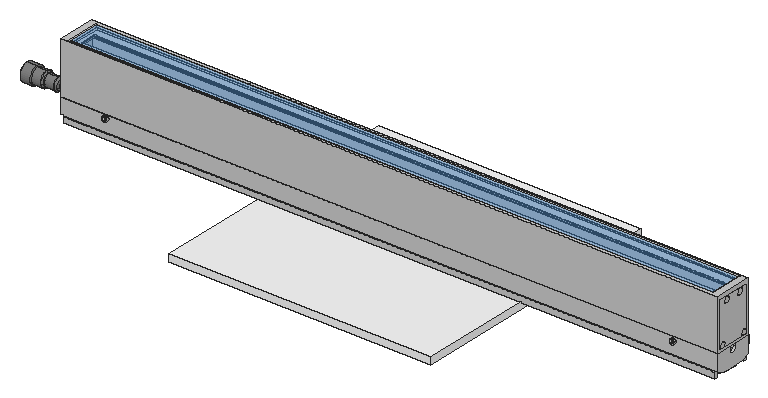
Revit family "BE_77155_de_DE", category Leuchten, Revit 2020
Family settings
  Basisbauteil = Fläche
  Bemaßung runder Anschluss = Durchmesser verwenden
  Teiletyp = Normal
  Beim Laden mit Abzugskörper schneiden = Ja
  Lichtquelle = Ja
  Gemeinsam genutzt = Nein
  Raumberechnungspunkt = Ja
Parameters (values of type "BEGA_77155_Silber_K4")
  built-in parameter 1150104 = 13.686 (stored number, unit not read)
  Wattage = 33.6 W
  Default Elevation = 0 mm
  built-in parameter 1150113 = 1 (stored number, unit not read)
  built-in parameter 1114218 = 1 (stored number, unit not read)
  Umgebungstemperatur = "25 °C"
  URL = "https://www.bega.com/de/produkt/77155"
  Typenkommentare = "© 2022 BEGA. Wir behalten uns das Recht vor, technische Änderungen ohne vorherige Ankündigung vorzunehmen."  # constant formula
  Type Image = 77155.png
  built-in parameter 1150134 = 12
  built-in parameter 1150109 = 1 (stored number, unit not read)
  Strom = ""
  built-in parameter 1150110 = 1 (stored number, unit not read)
  Spannung = 239.996 V
  Sonderanfertigung = no
  Seriennummer [instance] = "Hier können Sie die eindeutige Seriennummer für das Facility Management eintragen."
  Schutzklasse = "I"
  Schutzart = "IP 65"
  Scheinlast = 0 VA
  Produktdatenblatt = "https://cdn.bega.com/bega/products/77155AK3/current/documents/data-sheets/de"
  Oberflächentemperatur = ""
  Neigungswinkel = 0.00°
  Modell = "77155AK4"
  Material_18 = BEGA_Gummi_schwarz
  Material_17 = BEGA_Reflektor
  Material_15 = BEGA_Leuchtmedium_matt
  Material_11 = BEGA_Glas_opal
  Material_10 = BEGA_Glas_matt
  Material_09 = BEGA_Glas_klar
  Material_06 = BEGA_Oberfläche_Edelstahl_gebürstet
  Material_04 = BEGA_Kunststoff_Grafit_matt
  Material_03 = BEGA_Oberfläche_Weiss_matt
  Material_02 = BEGA_Oberfläche_Silber_matt
  Material_01 [instance] = BEGA_Oberfläche_Grafit_matt
  M_W = no
  M_G = no
  M_A = yes
  Logo = 0
  built-in parameter 1114217 = 1 (stored number, unit not read)
  built-in parameter 1150139 = (empty or 0)
  built-in parameter 1150105 = 393.9 (stored number, unit not read)
  built-in parameter 1150114 = 1 (stored number, unit not read)
  Lumens = 4949.95 lm
  built-in parameter 1150115 = 1 (stored number, unit not read)
  Leuchtenlichtstrom = "2412 lm"
  Leuchtenanzahl = ""
  Lebensdauerkriterien = "L70B50 @ 25 °C = 200000 h"
  Lastklassifizierung = Beleuchtung
  built-in parameter 1150112 = 1 (stored number, unit not read)
  Lampenlichtstrom = "5020 lm"
  Lampe = "LED 25.2 W"
  LED_Modulbezeichnung = "2x LED-0928/840"
  built-in parameter 1150142 = (empty or 0)
  Hersteller = "BEGA"  # constant formula
  Halbstreuwinkel = ""
  Gewicht = "5.5 kg"
  Gebrauchslageneinschränkung [instance] = ""
  Frequenz = "0/50-60 Hz"
  Farbwiedergabeindex = "CRI > 80"
  Farbtemperaturverschiebung bei Dämpfen der Lampe = <Keine Auswahl>
  Farbtemperatur = "4000 K"
  Color Filter = 16777215
  built-in parameter 1150133 = 10 (stored number, unit not read)
  Energieeffizienzklasse = "LED A++ - A"
  built-in parameter 1150137 = (empty or 0)
  built-in parameter 1150132 = (empty or 0)
  ENEC = "ja"
  Dimmbar [instance] = "DALI"
  Datei für fotometrisches Netz = "BE_77155K4.IES"
  CE_Konformität = "ja"
  Bestellnummer = "77155AK4"
  Beschreibung_Sonderanfertigung = "Hier können Sie Informationen zur Sonderanfertigung eintragen."
  Beschreibung = "Fassadenscheinwerfer"
  built-in parameter 1150106 = 3.939 (stored number, unit not read)
  Befestigungsbohrung = "Ø 7 mm"
  Befestigungsabstand = "875 mm"
  Ballwurfsicher = ""
  BEGA_Intern_aus = yes
  BEGA_Intern_an = yes
  BEGA_Intern_Konstruktion = yes
  BEGA_Intern = yes
  BEGA_IES = yes
  BEGA_Dummy = no
  Anschlussleitung = "0.5 m X05BQ-F 5 G 1 mm²"
  Anschlussleistung [instance] = "28 W"
  Anschlusskasten = ""
  built-in parameter 1150107 = 4000 (stored number, unit not read)
  built-in parameter 1150102 = (empty or 0)
  built-in parameter 1150138 = (empty or 0)
  Aktualisierung = "2022-05-19T04:00:07"
  Abstand_zur_angestrahlten_Fläche [instance] = ""
  AC/DC = "AC/DC"
Types (4, lengths in mm): name | built-in parameter 1150104 | built-in parameter 1150134 | Modell | M_G | M_A | built-in parameter 1150105 | Lumens | Leuchtenlichtstrom | Lampenlichtstrom | LED_Modulbezeichnung | Farbtemperatur | Datei für fotometrisches Netz | Bestellnummer | built-in parameter 1150106 | built-in parameter 1150107
  BEGA_77155_Grafit_K4 | 13.686 (stored number, unit not read) | 12 | "77155K4" | yes | no | 393.9 (stored number, unit not read) | 4949.95 lm | "2412 lm" | "5020 lm" | "2x LED-0928/840" | "4000 K" | "BE_77155K4.IES" | "77155K4" | 3.939 (stored number, unit not read) | 4000 (stored number, unit not read)
  BEGA_77155_Silber_K4 | 13.686 (stored number, unit not read) | 12 | "77155AK4" | no | yes | 393.9 (stored number, unit not read) | 4949.95 lm | "2412 lm" | "5020 lm" | "2x LED-0928/840" | "4000 K" | "BE_77155K4.IES" | "77155AK4" | 3.939 (stored number, unit not read) | 4000 (stored number, unit not read)
  BEGA_77155_Silber_K3 | 12.525 (stored number, unit not read) | (empty or 0) | "77155AK3" | no | yes | 360.48 (stored number, unit not read) | 4529.95 lm | "2350 lm" | "4890 lm" | "2x LED-0928/830" | "3000 K" | "BE_77155K3.IES" | "77155AK3" | 3.6048 (stored number, unit not read) | 3000 (stored number, unit not read)
  BEGA_77155_Grafit_K3 | 1252.5 (stored number, unit not read) | (empty or 0) | "77155K3" | yes | no | 36048.2 (stored number, unit not read) | 452995.2 lm | "2350 lm" | "4890 lm" | "2x LED-0928/830" | "3000 K" | "BE_77155K3.IES" | "77155K3" | 360.48 (stored number, unit not read) | 3000 (stored number, unit not read)
Reference planes
  plane 1 "Mitte (Vorne/Hinten)": y = 0
  plane 2: z = 0
  plane 3 "Mitte (Links/Rechts)": x = 0
  plane 4 "Links": x = -500
  plane 5 "Rechts": x = 500
  plane 6 "Unten": y = -29
  plane 7 "Oben": y = 29
  plane 8 "Vorne": z = 113.3
  plane 9 "Hinten": z = 0
Forms (mm)
  Extrusion 1, solid, material "BEGA_Platte_Weiss"
    sketch origin (0, -1119.2, 0) x (1, 0, 0) y (0, 1, 0)
      loop
        line (-200, 1319.2) -> (-200, 919.2) -> (200, 919.2) -> (200, 1319.2) -> (-200, 1319.2)
    from 0 to -10
  Extrusion 2, solid, material "BEGA_Dummy_matt", visible <- "BEGA_Dummy"
    sketch origin (80.095, -76.023, 0) x (1, 0, 0) y (0, 1, 0)
      loop
        line (-580.095, 105.023) -> (-580.095, 47.023) -> (419.905, 47.023) -> (419.905, 105.023) -> (-580.095, 105.023)
    from 0 to 113.3
Dimensions and locks
  plane 1 "Mitte (Vorne/Hinten)" to Extrusion 1 = 200 mm
  aligned and locked: plane 2 to Extrusion 1
  aligned and locked: level to Extrusion 1
Nested families
  nested 1: "BE_77155_Scheinwerfer" at (0, 0, 0), type "BE_77155_Scheinwerfer"
Connectors
  electrical at (0, 0, 0), driven by "Lastklassifizierung", driven by "Spannung", driven by "Scheinlast"
    settings: index 1, voltage 239.996 V, apparent load 0 VA, apparent load phase1 0 VA, apparent load phase2 0 VA, apparent load phase3 0 VA, power factor 1, load classification "Beleuchtung", number of poles 1, system type 31, power factor state 1, is connector primary yes, connector utility no, sub classification motor no, connector description ""
Definition of nested family "BE_77155_Scheinwerfer"
  Parameters (values of type "BE_77155_Scheinwerfer")
    Default Elevation = 1 mm
    URL = "http://www.bega.de/de/produkt"
    Type Comments = "© 2015 BEGA. Wir behalten uns das Recht vor, technische Änderungen ohne vorherige Ankündigung vorzunehmen. "  # constant formula
    Type Image = (empty or 0)
    Material_18 = none
    Material_17 = none
    Material_15 = none
    Material_11 = none
    Material_10 = none
    Material_09 = none
    Material_06 = none
    Material_04 = none
    Material_03 = none
    Material_02 = none
    Material_01 = none
    M_W = yes
    M_G = yes
    M_A = yes
    Länge_Platte = 1200 mm  # constant formula
    Höhe_Platte = -10 mm  # constant formula
    Manufacturer = "BEGA"  # constant formula
    Breite_Platte = 200 mm  # constant formula
  Reference planes
    plane 1 "Mitte (Oben/Unten)": y = 0
    plane 2: z = 0
    plane 3 "Mitte (Links/Rechts)": x = 0
    plane 4: z = 113.3
    plane 5: y = -29
    plane 6: y = 29
    plane 7: x = -581.9
    plane 8: x = 500
  Forms (mm)
    Extrusion 1, solid, detail levels medium
      sketch origin (0, 0, 0) x (1, 0, 0) y (0, 1, 0)
        loop
          line (-600, 100) -> (-600, -100) -> (600, -100) -> (600, 100) -> (-600, 100)
      from 0 to -10 <- "Höhe_Platte"
    Extrusion 2, solid, material <- "Material_01", visible <- "M_G", detail levels medium+fine
      sketch origin (0, 0, 0) x (0, 1, 0) y (0, 0, 1)
        loop
          line (-29, 0) -> (-26.3, 0) -> (-26.3, 4.91)
          arc (-26.3, 4.91) -> (-26.086, 5.32) -> (-25.627, 5.379) r 0.5
          arc (-25.627, 5.379) -> (-17.92, 3.003) -> (-10, 1.479) r 74
          line (-10, 1.479) -> (-10, 0.2) -> (10, 0.2) -> (10, 1.482)
          arc (10, 1.482) -> (17.921, 3.006) -> (25.629, 5.383) r 73.998
          arc (25.629, 5.383) -> (26.086, 5.326) -> (26.299, 4.918) r 0.497
          line (26.299, 4.918) -> (26.299, 0) -> (29, 0) -> (29, 8.899)
          arc (29, 8.899) -> (28.775, 9.317) -> (28.302, 9.358) r 0.5
          arc (28.302, 9.358) -> (0, 3.5) -> (-28.301, 9.358) r 71.3
          arc (-28.301, 9.358) -> (-28.774, 9.317) -> (-29, 8.899) r 0.5
          line (-29, 8.899) -> (-29, 0)
      from -496 to 496
    Extrusion 3, solid, material <- "Material_01", visible <- "M_G", detail levels medium+fine
      sketch origin (0, 0, 0) x (0, 1, 0) y (0, 0, 1)
        loop
          arc (-29, 9.993) -> (0, 3.8) -> (29, 9.993) r 71
          line (29, 9.993) -> (29, 34.8) -> (25.401, 34.8) -> (25.401, 12.395)
          arc (25.401, 12.395) -> (0, 7.696) -> (-25.401, 12.395) r 71
          line (-25.401, 12.395) -> (-25.401, 34.8) -> (-29, 34.8) -> (-29, 9.993)
      from -496 to 496
    Sweep 4, solid, material <- "Material_01", visible <- "M_G", detail levels medium+fine
      path origin (0, 0, 0) x (1, 0, 0) y (0, 1, 0)
        loop
          line (-500, 29) -> (-500, -29) -> (500, -29) -> (500, 29) -> (-500, 29)
      profile origin (-500, 0, 0) x (1, 0, 0) y (0, 0, 1)
        loop
          line (0, 113.3) -> (0, 34.8) -> (11, 34.8) -> (11, 40.679) -> (3.5, 40.679) -> (3.5, 103.406) -> (17.035, 103.406)
          arc (17.035, 103.406) -> (17.719, 103.711) -> (18, 104.406) r 1
          line (18, 104.406) -> (18, 105.896)
          arc (18, 105.896) -> (17.713, 106.596) -> (17.017, 106.895) r 1
          line (17.017, 106.895) -> (11.125, 106.895) -> (8.794, 113.3) -> (0, 113.3)
    Extrusion 5, void
      sketch origin (239, 0, 0) x (1, 0, 0) y (0, 0, 1)
        loop
          line (261, 37.756) -> (261, 107.746) -> (258.218, 107.746) -> (258.218, 37.756) -> (261, 37.756)
      from -26.267 to 26.244
    Extrusion 6, solid, material <- "Material_01", visible <- "M_G", detail levels medium+fine
      sketch origin (239, 0, 0) x (1, 0, 0) y (0, 0, 1)
        loop
          line (261, 106.748) -> (258.218, 106.748) -> (258.218, 38.353) -> (261, 38.353) -> (261, 106.748)
      from -25.5 to 25.5
    Extrusion 7, solid, material <- "Material_01", visible <- "M_G", detail levels medium+fine
      sketch origin (0, 0, 0) x (0, 1, 0) y (0, 0, 1)
        loop
          line (-29, 34.8) -> (-29, 9.993)
          arc (-29, 9.993) -> (0, 3.8) -> (29, 9.993) r 71
          line (29, 9.993) -> (29, 34.8) -> (6, 34.8) -> (6, 29.8)
          arc (6, 29.8) -> (0, 23.8) -> (-6, 29.8) r 6
          line (-6, 29.8) -> (-6, 34.8) -> (-29, 34.8)
      from 496 to 500
    Extrusion 8, solid, material <- "Material_01", visible <- "M_G", detail levels medium+fine
      sketch origin (-239, 0, 0) x (0, 1, 0) y (0, 0, -1)
        loop
          line (-29, -34.8) -> (-6, -34.8) -> (-6, -29.8)
          arc (-6, -29.8) -> (0, -23.8) -> (6, -29.8) r 6
          line (6, -29.8) -> (6, -34.8) -> (29, -34.8) -> (29, -10.487)
          arc (29, -10.487) -> (0, -4.294) -> (-29, -10.487) r 71
          line (-29, -10.487) -> (-29, -34.8)
      from 257 to 261
    Extrusion 9, void
      sketch origin (0, 0, 0) x (1, 0, 0) y (0, 1, 0)
        loop
          circle (0, 0) r 7.5
        loop
          circle (-440, 0) r 3.5
        loop
          circle (440, 0) r 3.5
      from 0 to 10
    Revolve 10, solid, material <- "Material_01", visible <- "M_G", detail levels medium+fine
      sketch origin (-432, 0, 0) x (0, 1, 0) y (0, 0, 1)
        loop
          line (-31.453, 32.75) -> (-31.453, 31.8) -> (-27.5, 31.8) -> (-27.5, 32.75) -> (-31.453, 32.75)
        axis (-31.453, 28.8) -> (-27.5, 28.8)
      angle from 0 to 360
    Revolve 11, solid, material <- "Material_01", visible <- "M_G", detail levels medium+fine
      sketch origin (432, 0, 0) x (0, 1, 0) y (0, 0, -1)
        loop
          line (-31.453, -32.75) -> (-27.5, -32.75) -> (-27.5, -31.8) -> (-31.453, -31.8) -> (-31.453, -32.75)
        axis (-31.453, -28.8) -> (-27.5, -28.8)
      angle from 0 to 360
    Revolve 12, solid, material <- "Material_06", detail levels fine
      sketch origin (-432, 0, 0) x (0, 1, 0) y (0, 0, 1)
        loop
          line (-30.053, 31.8) -> (-30.053, 28.8) -> (-26.193, 28.8) -> (-26.193, 31.8) -> (-30.053, 31.8)
        axis (-30.053, 28.8) -> (-26.193, 28.8)
      angle from 0 to 360
    Revolve 13, solid, material <- "Material_06", detail levels fine
      sketch origin (432, 0, 0) x (0, 1, 0) y (0, 0, -1)
        loop
          line (-30.053, -31.8) -> (-26.193, -31.8) -> (-26.193, -28.8) -> (-30.053, -28.8) -> (-30.053, -31.8)
        axis (-30.053, -28.8) -> (-26.193, -28.8)
      angle from 0 to 360
    Revolve 14, solid, material <- "Material_04", detail levels medium+fine
      sketch origin (-239, 0, 0) x (1, 0, 0) y (0, 0, 1)
        loop
          line (-320.8, 43.3) -> (-335.5, 43.3) -> (-336.7, 42.1) -> (-336.7, 32.8) -> (-342.9, 32.8) -> (-342.9, 29.8) -> (-260.5, 29.8) -> (-260.5, 34.15) -> (-284, 34.15) -> (-284, 37.8) -> (-287, 39.3) -> (-288, 39.3)
          arc (-288, 39.3) -> (-288.146, 38.947) -> (-288.5, 38.8) r 0.5
          line (-288.5, 38.8) -> (-302.464, 38.8)
          arc (-302.464, 38.8) -> (-303.418, 38.99) -> (-304.228, 39.528) r 2.5
          line (-304.228, 39.528) -> (-305.707, 41.008)
          arc (-305.707, 41.008) -> (-306.032, 41.224) -> (-306.414, 41.3) r 1
          line (-306.414, 41.3) -> (-320, 41.3) -> (-320, 39.8) -> (-320.8, 39.8) -> (-320.8, 43.3)
        axis (-342.9, 29.8) -> (-260.5, 29.8)
      angle from 0 to 360
    Revolve 15, void
      sketch origin (239, -12.5, -0.101) x (1, 0, 0) y (0, 0, 1)
        loop
          line (261.225, 106.482) -> (258.494, 103.752) -> (258.494, 101.902) -> (261.225, 101.902) -> (261.225, 106.482)
        axis (258.494, 101.902) -> (261.225, 101.902)
      angle from 0 to 360
    Revolve 16, void
      sketch origin (239, 12.5, -0.101) x (1, 0, 0) y (0, 0, -1)
        loop
          line (261.225, -106.482) -> (261.225, -101.902) -> (258.494, -101.902) -> (258.494, -103.752) -> (261.225, -106.482)
        axis (258.494, -101.902) -> (261.225, -101.902)
      angle from 0 to 360
    Revolve 17, void
      sketch origin (239, -20.5, -58.602) x (1, 0, 0) y (0, 0, 1)
        loop
          line (261.225, 106.482) -> (258.494, 103.752) -> (258.494, 101.902) -> (261.225, 101.902) -> (261.225, 106.482)
        axis (258.494, 101.902) -> (261.225, 101.902)
      angle from 0 to 360
    Revolve 18, void
      sketch origin (239, 20.5, -58.602) x (1, 0, 0) y (0, 0, -1)
        loop
          line (261.225, -106.482) -> (261.225, -101.902) -> (258.494, -101.902) -> (258.494, -103.752) -> (261.225, -106.482)
        axis (258.494, -101.902) -> (261.225, -101.902)
      angle from 0 to 360
    Extrusion 19, solid, material <- "Material_06", detail levels fine
      sketch origin (239.494, 0, 0) x (0, 1, 0) y (0, 0, 1)
        loop
          circle (-12.5, 101.8) r 4.009
        loop
          circle (12.5, 101.8) r 4.009
        loop
          circle (-20.5, 43.3) r 4.009
        loop
          circle (20.5, 43.3) r 4.009
      from 259.244 to 260.506
    Extrusion 20, solid, material <- "Material_10", detail levels medium+fine
      sketch origin (0, 0, 0) x (1, 0, 0) y (0, 0, 1)
        loop
          line (-489.25, 113) -> (-489.25, 109) -> (489.25, 109) -> (489.25, 113) -> (-489.25, 113)
      from -25 to 25
    Sweep 21, void
      path origin (0, 0, 0) x (1, 0, 0) y (0, 1, 0)
        loop
          line (493.606, 29) -> (-493.606, 29) -> (-493.606, -29) -> (493.606, -29) -> (493.606, 29)
      profile origin (0, 29, 0) x (0, -1, 0) y (0, 0, 1)
        loop
          line (12.06, 106.895) -> (9.517, 113.881) -> (2.237, 113.881) -> (4.779, 106.895) -> (12.06, 106.895)
    Extrusion 22, solid, material <- "Material_02", visible <- "M_A", detail levels medium+fine
      sketch origin (0, 0, 0) x (0, 1, 0) y (0, 0, 1)
        loop
          line (-29, 0) -> (-26.3, 0) -> (-26.3, 4.91)
          arc (-26.3, 4.91) -> (-26.086, 5.32) -> (-25.627, 5.379) r 0.5
          arc (-25.627, 5.379) -> (-17.92, 3.003) -> (-10, 1.479) r 74
          line (-10, 1.479) -> (-10, 0.2) -> (10, 0.2) -> (10, 1.482)
          arc (10, 1.482) -> (17.921, 3.006) -> (25.629, 5.383) r 73.998
          arc (25.629, 5.383) -> (26.086, 5.326) -> (26.299, 4.918) r 0.497
          line (26.299, 4.918) -> (26.299, 0) -> (29, 0) -> (29, 8.899)
          arc (29, 8.899) -> (28.775, 9.317) -> (28.302, 9.358) r 0.5
          arc (28.302, 9.358) -> (0, 3.5) -> (-28.301, 9.358) r 71.3
          arc (-28.301, 9.358) -> (-28.774, 9.317) -> (-29, 8.899) r 0.5
          line (-29, 8.899) -> (-29, 0)
      from -496 to 496
    Extrusion 23, solid, material <- "Material_02", visible <- "M_A", detail levels medium+fine
      sketch origin (0, 0, 0) x (0, 1, 0) y (0, 0, 1)
        loop
          arc (-29, 9.993) -> (0, 3.8) -> (29, 9.993) r 71
          line (29, 9.993) -> (29, 34.8) -> (25.401, 34.8) -> (25.401, 12.395)
          arc (25.401, 12.395) -> (0, 7.696) -> (-25.401, 12.395) r 71
          line (-25.401, 12.395) -> (-25.401, 34.8) -> (-29, 34.8) -> (-29, 9.993)
      from -496 to 496
    Extrusion 24, solid, material <- "Material_02", visible <- "M_A", detail levels medium+fine
      sketch origin (0, 0, 0) x (0, 1, 0) y (0, 0, 1)
        loop
          line (-29, 34.8) -> (-29, 9.993)
          arc (-29, 9.993) -> (0, 3.8) -> (29, 9.993) r 71
          line (29, 9.993) -> (29, 34.8) -> (6, 34.8) -> (6, 29.8)
          arc (6, 29.8) -> (0, 23.8) -> (-6, 29.8) r 6
          line (-6, 29.8) -> (-6, 34.8) -> (-29, 34.8)
      from 496 to 500
    Extrusion 25, solid, material <- "Material_02", visible <- "M_A", detail levels medium+fine
      sketch origin (-239, 0, 0) x (0, 1, 0) y (0, 0, -1)
        loop
          line (-29, -34.8) -> (-6, -34.8) -> (-6, -29.8)
          arc (-6, -29.8) -> (0, -23.8) -> (6, -29.8) r 6
          line (6, -29.8) -> (6, -34.8) -> (29, -34.8) -> (29, -10.487)
          arc (29, -10.487) -> (0, -4.294) -> (-29, -10.487) r 71
          line (-29, -10.487) -> (-29, -34.8)
      from 257 to 261
    Revolve 26, solid, material <- "Material_02", visible <- "M_A", detail levels medium+fine
      sketch origin (-432, 0, 0) x (0, 1, 0) y (0, 0, 1)
        loop
          line (-31.453, 32.75) -> (-31.453, 31.8) -> (-27.5, 31.8) -> (-27.5, 32.75) -> (-31.453, 32.75)
        axis (-31.453, 28.8) -> (-27.5, 28.8)
      angle from 0 to 360
    Revolve 27, solid, material <- "Material_02", visible <- "M_A", detail levels medium+fine
      sketch origin (432, 0, 0) x (0, 1, 0) y (0, 0, -1)
        loop
          line (-31.453, -32.75) -> (-27.5, -32.75) -> (-27.5, -31.8) -> (-31.453, -31.8) -> (-31.453, -32.75)
        axis (-31.453, -28.8) -> (-27.5, -28.8)
      angle from 0 to 360
    Sweep 28, solid, material <- "Material_02", visible <- "M_A", detail levels medium+fine
      path origin (0, 0, 0) x (1, 0, 0) y (0, 1, 0)
        loop
          line (-500, 29) -> (-500, -29) -> (500, -29) -> (500, 29) -> (-500, 29)
      profile origin (-500, 0, 0) x (1, 0, 0) y (0, 0, 1)
        loop
          line (0, 113.3) -> (0, 34.8) -> (11, 34.8) -> (11, 40.679) -> (3.5, 40.679) -> (3.5, 103.406) -> (17.035, 103.406)
          arc (17.035, 103.406) -> (17.719, 103.711) -> (18, 104.406) r 1
          line (18, 104.406) -> (18, 105.896)
          arc (18, 105.896) -> (17.713, 106.596) -> (17.017, 106.895) r 1
          line (17.017, 106.895) -> (11.125, 106.895) -> (8.794, 113.3) -> (0, 113.3)
    Extrusion 29, solid, material <- "Material_02", visible <- "M_A", detail levels medium+fine
      sketch origin (239.281, 0, 0) x (1, 0, 0) y (0, 0, 1)
        loop
          line (260.719, 106.748) -> (257.938, 106.748) -> (257.938, 38.353) -> (260.719, 38.353) -> (260.719, 106.748)
      from -25.5 to 25.5
  Cuts and joins
    Extrusion 5, Sweep 21 cuts Sweep 4
    Extrusion 9 cuts Extrusion 3
    Extrusion 9 cuts Extrusion 7
    Extrusion 9 cuts Extrusion 8
    joined: Extrusion 3, Extrusion 7, Extrusion 8, Revolve 10, Revolve 11
    Extrusion 9 cuts Extrusion 2
    Revolve 15, Revolve 16, Revolve 17, Revolve 18 cuts Extrusion 6
    Extrusion 9 cuts Extrusion 22
    joined: Extrusion 23, Extrusion 24, Extrusion 25, Revolve 26, Revolve 27
    Extrusion 5, Revolve 16, Sweep 21 cuts Sweep 28
    Revolve 15, Revolve 16, Revolve 17, Revolve 18 cuts Extrusion 29
  Dimensions and locks
    equal spacing: Extrusion 1 sketch curve, plane 3 "Mitte (Links/Rechts)", Extrusion 1 sketch curve
    equal spacing: Extrusion 1 sketch curve, plane 1 "Mitte (Oben/Unten)", Extrusion 1 sketch curve
    "Länge_Platte": Extrusion 1 sketch curve to Extrusion 1 sketch curve
    "Breite_Platte": Extrusion 1 sketch curve to Extrusion 1 sketch curve
    aligned and locked: Extrusion 1 to plane 2
    aligned and locked: level to Extrusion 1
  Automatic sketch dimensions
    Extrusion 2 sketch curve to Extrusion 2 sketch curve = 0 mm  (x5)
    Extrusion 2 sketch curve to level = 0 mm  (x2)
    level to Extrusion 2 sketch curve = 8.899 mm
    plane 1 "Mitte (Oben/Unten)" to Extrusion 2 sketch curve = 29 mm
    Extrusion 2 sketch curve to Extrusion 2 sketch curve = 0.5 mm  (x2)
    Extrusion 2 sketch curve to Extrusion 2 sketch curve = 2.7 mm
    level to Extrusion 2 sketch curve = 0.2 mm
    plane 1 "Mitte (Oben/Unten)" to Extrusion 2 sketch curve = 10 mm
    Extrusion 2 sketch curve to plane 1 "Mitte (Oben/Unten)" = 0 mm  (x2)
    Extrusion 2 sketch curve to plane 1 "Mitte (Oben/Unten)" = 10 mm
    level to Extrusion 2 sketch curve = 4.918 mm
    Extrusion 2 sketch curve to Extrusion 2 sketch curve = 15.802 mm
    Extrusion 2 sketch curve to Extrusion 2 sketch curve = 0.497 mm
    Extrusion 2 sketch curve to Extrusion 2 sketch curve = 2.201 mm
    Extrusion 2 sketch curve to Extrusion 2 sketch curve = 2.701 mm
    Extrusion 2 sketch curve to Extrusion 2 sketch curve = 1.279 mm
    Extrusion 2 sketch curve to Extrusion 2 sketch curve = 1.282 mm
    Extrusion 2 sketch curve to Extrusion 2 sketch curve = 3.989 mm
    Extrusion 2 sketch curve to Extrusion 2 sketch curve = 3.981 mm
    Extrusion 2 sketch curve to Extrusion 2 sketch curve = 65.901 mm
    Extrusion 2 sketch curve to Extrusion 2 sketch curve = 0.002 mm
    Extrusion 2 sketch curve to Extrusion 2 sketch curve = 0.198 mm  (x2)
    Extrusion 3 sketch curve to plane 1 "Mitte (Oben/Unten)" = 0 mm  (x2)
    plane 1 "Mitte (Oben/Unten)" to Extrusion 3 sketch curve = 25.401 mm
    Extrusion 3 sketch curve to Extrusion 3 sketch curve = 3.599 mm  (x2)
    level to Extrusion 3 sketch curve = 12.395 mm
    Extrusion 3 sketch curve to plane 1 "Mitte (Oben/Unten)" = 25.401 mm
    Extrusion 3 sketch curve to Extrusion 3 sketch curve = 2.402 mm
    Extrusion 3 sketch curve to Extrusion 3 sketch curve = 22.405 mm  (x2)
    Extrusion 3 sketch curve to Extrusion 3 sketch curve = 40 mm
    Extrusion 3 sketch curve to Extrusion 3 sketch curve = 3.895 mm
    profile plane to Sweep 4 sketch curve = 0 mm
    Sweep 4 sketch curve to profile plane = 3.5 mm
    Sweep 4 sketch curve to profile plane = 8.794 mm
    Sweep 4 sketch curve to Sweep 4 sketch curve = 7.5 mm
    Sweep 4 sketch curve to Sweep 4 sketch curve = 2.331 mm
    Sweep 4 sketch curve to Sweep 4 sketch curve = 5.875 mm
    Sweep 4 sketch curve to Sweep 4 sketch curve = 0 mm
    Sweep 4 sketch curve to Sweep 4 sketch curve = 0.017 mm
    Sweep 4 sketch curve to Sweep 4 sketch curve = 0.035 mm
    Sweep 4 sketch curve to Sweep 4 sketch curve = 1 mm
    level to Sweep 4 sketch curve = 34.8 mm
    Sweep 4 sketch curve to Sweep 4 sketch curve = 5.878 mm
    Sweep 4 sketch curve to Sweep 4 sketch curve = 62.728 mm
    Sweep 4 sketch curve to Sweep 4 sketch curve = 1.49 mm
    Sweep 4 sketch curve to Sweep 4 sketch curve = 9.894 mm
    level to Extrusion 5 sketch curve = 37.756 mm
    plane 3 "Mitte (Links/Rechts)" to Extrusion 5 sketch curve = 497.218 mm
    Extrusion 5 sketch curve to Extrusion 5 sketch curve = 2.782 mm
    Extrusion 5 sketch curve to Extrusion 5 sketch curve = 69.99 mm
    level to Extrusion 6 sketch curve = 38.353 mm
    plane 3 "Mitte (Links/Rechts)" to Extrusion 6 sketch curve = 497.218 mm
    Extrusion 6 sketch curve to Extrusion 6 sketch curve = 2.782 mm
    Extrusion 6 sketch curve to Extrusion 6 sketch curve = 68.395 mm
    Extrusion 7 sketch curve to plane 1 "Mitte (Oben/Unten)" = 0 mm  (x2)
    plane 1 "Mitte (Oben/Unten)" to Extrusion 7 sketch curve = 6 mm
    Extrusion 7 sketch curve to Extrusion 7 sketch curve = 23 mm
    level to Extrusion 7 sketch curve = 9.993 mm
    Extrusion 7 sketch curve to plane 1 "Mitte (Oben/Unten)" = 29 mm
    level to Extrusion 7 sketch curve = 29.8 mm
    Extrusion 7 sketch curve to Extrusion 7 sketch curve = 5 mm  (x2)
    Extrusion 7 sketch curve to Extrusion 7 sketch curve = 40 mm
    Extrusion 8 sketch curve to plane 1 "Mitte (Oben/Unten)" = 0 mm  (x2)
    plane 1 "Mitte (Oben/Unten)" to Extrusion 8 sketch curve = 6 mm
    Extrusion 8 sketch curve to Extrusion 8 sketch curve = 23 mm
    level to Extrusion 8 sketch curve = 10.487 mm
    Extrusion 8 sketch curve to plane 1 "Mitte (Oben/Unten)" = 29 mm
    level to Extrusion 8 sketch curve = 29.8 mm
    Extrusion 8 sketch curve to Extrusion 8 sketch curve = 5 mm  (x2)
    Extrusion 8 sketch curve to Extrusion 8 sketch curve = 40.494 mm
    plane 1 "Mitte (Oben/Unten)" to Revolve 10 sketch curve = 31.453 mm
    Revolve 10 sketch curve to Revolve 10 sketch curve = 3.953 mm
    level to Revolve 10 sketch curve = 31.8 mm
    Revolve 10 sketch curve to Revolve 10 sketch curve = 0.95 mm
    Revolve 10 sketch curve to Revolve 10 sketch curve = 0.641 mm
    Revolve 10 sketch curve to Revolve 10 sketch curve = 2.294 mm
    Revolve 10 sketch curve to Revolve 10 sketch curve = 3 mm
    plane 1 "Mitte (Oben/Unten)" to Revolve 11 sketch curve = 31.453 mm
    Revolve 11 sketch curve to Revolve 11 sketch curve = 3.953 mm
    level to Revolve 11 sketch curve = 32.75 mm
    Revolve 11 sketch curve to Revolve 11 sketch curve = 0.95 mm
    Revolve 11 sketch curve to Revolve 11 sketch curve = 0.641 mm
    Revolve 11 sketch curve to Revolve 11 sketch curve = 2.294 mm
    Revolve 11 sketch curve to Revolve 11 sketch curve = 3 mm
    plane 1 "Mitte (Oben/Unten)" to Revolve 12 sketch curve = 30.053 mm
    Revolve 12 sketch curve to Revolve 12 sketch curve = 3.861 mm
    level to Revolve 12 sketch curve = 28.8 mm
    Revolve 12 sketch curve to Revolve 12 sketch curve = 3 mm
    Revolve 12 sketch curve to Revolve 12 sketch curve = 1.053 mm
    Revolve 12 sketch curve to Revolve 12 sketch curve = 1.25 mm
    Revolve 12 sketch curve to Revolve 12 sketch curve = 0 mm
    plane 1 "Mitte (Oben/Unten)" to Revolve 13 sketch curve = 30.053 mm
    Revolve 13 sketch curve to Revolve 13 sketch curve = 3.861 mm
    level to Revolve 13 sketch curve = 31.8 mm
    Revolve 13 sketch curve to Revolve 13 sketch curve = 3 mm
    Revolve 13 sketch curve to Revolve 13 sketch curve = 1.053 mm
    Revolve 13 sketch curve to Revolve 13 sketch curve = 1.25 mm
    Revolve 13 sketch curve to Revolve 13 sketch curve = 0 mm
    level to Revolve 14 sketch curve = 29.8 mm
    Revolve 14 sketch curve to plane 3 "Mitte (Links/Rechts)" = 581.9 mm
    level to Revolve 14 sketch curve = 42.1 mm
    Revolve 14 sketch curve to Revolve 14 sketch curve = 6.2 mm
    level to Revolve 14 sketch curve = 43.3 mm
    Revolve 14 sketch curve to Revolve 14 sketch curve = 1.2 mm
    Revolve 14 sketch curve to Revolve 14 sketch curve = 14.7 mm
    Revolve 14 sketch curve to Revolve 14 sketch curve = 0.8 mm
    Revolve 14 sketch curve to Revolve 14 sketch curve = 13.586 mm
    level to Revolve 14 sketch curve = 39.528 mm
    Revolve 14 sketch curve to Revolve 14 sketch curve = 2.187 mm
    Revolve 14 sketch curve to Revolve 14 sketch curve = 1.763 mm
    Revolve 14 sketch curve to Revolve 14 sketch curve = 13.964 mm
    Revolve 14 sketch curve to Revolve 14 sketch curve = 0.5 mm
    Revolve 14 sketch curve to Revolve 14 sketch curve = 1 mm  (x2)
    level to Revolve 14 sketch curve = 37.8 mm
    Revolve 14 sketch curve to Revolve 14 sketch curve = 3 mm  (x2)
    Revolve 14 sketch curve to Revolve 14 sketch curve = 23.5 mm
    Revolve 14 sketch curve to Revolve 14 sketch curve = 4.35 mm
    Revolve 14 sketch curve to Revolve 14 sketch curve = 3.5 mm
    Revolve 14 sketch curve to Revolve 14 sketch curve = 0.772 mm
    Revolve 14 sketch curve to Revolve 14 sketch curve = 1.5 mm
    Revolve 14 sketch curve to Revolve 14 sketch curve = 0.707 mm
    level to Revolve 14 sketch curve = 41.008 mm
    Revolve 14 sketch curve to Revolve 14 sketch curve = 0 mm
    Revolve 14 sketch curve to Revolve 14 sketch curve = 3.702 mm
    Revolve 14 sketch curve to Revolve 14 sketch curve = 7.729 mm
    Revolve 14 sketch curve to Revolve 14 sketch curve = 9 mm
    level to Revolve 15 sketch curve = 101.8 mm
    plane 3 "Mitte (Links/Rechts)" to Revolve 15 sketch curve = 497.494 mm
    Revolve 15 sketch curve to Revolve 15 sketch curve = 2.731 mm  (x2)
    Revolve 15 sketch curve to Revolve 15 sketch curve = 1.85 mm
    Revolve 15 sketch curve to Revolve 15 sketch curve = 0 mm  (x2)
    Revolve 15 sketch curve to Revolve 15 sketch curve = 1.225 mm
    level to Revolve 16 sketch curve = 101.8 mm
    plane 3 "Mitte (Links/Rechts)" to Revolve 16 sketch curve = 497.494 mm
    Revolve 16 sketch curve to Revolve 16 sketch curve = 2.731 mm  (x2)
    Revolve 16 sketch curve to Revolve 16 sketch curve = 1.85 mm
    Revolve 16 sketch curve to Revolve 16 sketch curve = 0 mm  (x2)
    Revolve 16 sketch curve to Revolve 16 sketch curve = 1.225 mm
    level to Revolve 17 sketch curve = 43.3 mm
    plane 3 "Mitte (Links/Rechts)" to Revolve 17 sketch curve = 497.494 mm
    Revolve 17 sketch curve to Revolve 17 sketch curve = 2.731 mm  (x2)
    Revolve 17 sketch curve to Revolve 17 sketch curve = 1.85 mm
    Revolve 17 sketch curve to Revolve 17 sketch curve = 0 mm  (x2)
    Revolve 17 sketch curve to Revolve 17 sketch curve = 1.225 mm
    level to Revolve 18 sketch curve = 43.3 mm
    plane 3 "Mitte (Links/Rechts)" to Revolve 18 sketch curve = 497.494 mm
    Revolve 18 sketch curve to Revolve 18 sketch curve = 2.731 mm  (x2)
    Revolve 18 sketch curve to Revolve 18 sketch curve = 1.85 mm
    Revolve 18 sketch curve to Revolve 18 sketch curve = 0 mm  (x2)
    Revolve 18 sketch curve to Revolve 18 sketch curve = 1.225 mm
    plane 1 "Mitte (Oben/Unten)" to Extrusion 19 sketch curve = 20.5 mm
    plane 1 "Mitte (Oben/Unten)" to Extrusion 19 sketch curve = 12.5 mm
    Extrusion 19 sketch curve to plane 1 "Mitte (Oben/Unten)" = 12.5 mm
    Extrusion 19 sketch curve to plane 1 "Mitte (Oben/Unten)" = 20.5 mm
    level to Extrusion 19 sketch curve = 43.3 mm
    Extrusion 19 sketch curve to Extrusion 19 sketch curve = 0 mm  (x2)
    Extrusion 19 sketch curve to Extrusion 19 sketch curve = 58.5 mm
    level to Extrusion 20 sketch curve = 109 mm
    Extrusion 20 sketch curve to plane 3 "Mitte (Links/Rechts)" = 489.25 mm
    plane 3 "Mitte (Links/Rechts)" to Extrusion 20 sketch curve = 489.25 mm
    Extrusion 20 sketch curve to Extrusion 20 sketch curve = 4 mm
    Sweep 21 sketch curve to profile plane = 2.237 mm
    Sweep 21 sketch curve to profile plane = 4.779 mm
    Sweep 21 sketch curve to Sweep 21 sketch curve = 7.28 mm  (x2)
    level to Sweep 21 sketch curve = 106.895 mm
    Sweep 21 sketch curve to Sweep 21 sketch curve = 6.985 mm
    Extrusion 22 sketch curve to Extrusion 22 sketch curve = 0 mm  (x5)
    Extrusion 22 sketch curve to level = 0 mm  (x2)
    level to Extrusion 22 sketch curve = 8.899 mm
    plane 1 "Mitte (Oben/Unten)" to Extrusion 22 sketch curve = 29 mm
    Extrusion 22 sketch curve to Extrusion 22 sketch curve = 0.5 mm  (x2)
    Extrusion 22 sketch curve to Extrusion 22 sketch curve = 2.7 mm
    level to Extrusion 22 sketch curve = 0.2 mm
    plane 1 "Mitte (Oben/Unten)" to Extrusion 22 sketch curve = 10 mm
    Extrusion 22 sketch curve to plane 1 "Mitte (Oben/Unten)" = 0 mm  (x2)
    Extrusion 22 sketch curve to plane 1 "Mitte (Oben/Unten)" = 10 mm
    level to Extrusion 22 sketch curve = 4.918 mm
    Extrusion 22 sketch curve to Extrusion 22 sketch curve = 15.802 mm
    Extrusion 22 sketch curve to Extrusion 22 sketch curve = 0.497 mm
    Extrusion 22 sketch curve to Extrusion 22 sketch curve = 2.201 mm
    Extrusion 22 sketch curve to Extrusion 22 sketch curve = 2.701 mm
    Extrusion 22 sketch curve to Extrusion 22 sketch curve = 1.279 mm
    Extrusion 22 sketch curve to Extrusion 22 sketch curve = 1.282 mm
    Extrusion 22 sketch curve to Extrusion 22 sketch curve = 3.989 mm
    Extrusion 22 sketch curve to Extrusion 22 sketch curve = 3.981 mm
    Extrusion 22 sketch curve to Extrusion 22 sketch curve = 65.901 mm
    Extrusion 22 sketch curve to Extrusion 22 sketch curve = 0.002 mm
    Extrusion 22 sketch curve to Extrusion 22 sketch curve = 0.198 mm  (x2)
    Extrusion 23 sketch curve to plane 1 "Mitte (Oben/Unten)" = 0 mm  (x2)
    plane 1 "Mitte (Oben/Unten)" to Extrusion 23 sketch curve = 25.401 mm
    Extrusion 23 sketch curve to Extrusion 23 sketch curve = 3.599 mm  (x2)
    level to Extrusion 23 sketch curve = 12.395 mm
    Extrusion 23 sketch curve to plane 1 "Mitte (Oben/Unten)" = 25.401 mm
    Extrusion 23 sketch curve to Extrusion 23 sketch curve = 2.402 mm
    Extrusion 23 sketch curve to Extrusion 23 sketch curve = 22.405 mm  (x2)
    Extrusion 23 sketch curve to Extrusion 23 sketch curve = 40 mm
    Extrusion 23 sketch curve to Extrusion 23 sketch curve = 3.895 mm
    Extrusion 24 sketch curve to plane 1 "Mitte (Oben/Unten)" = 0 mm  (x2)
    plane 1 "Mitte (Oben/Unten)" to Extrusion 24 sketch curve = 6 mm
    Extrusion 24 sketch curve to Extrusion 24 sketch curve = 23 mm
    level to Extrusion 24 sketch curve = 9.993 mm
    Extrusion 24 sketch curve to plane 1 "Mitte (Oben/Unten)" = 29 mm
    level to Extrusion 24 sketch curve = 29.8 mm
    Extrusion 24 sketch curve to Extrusion 24 sketch curve = 5 mm  (x2)
    Extrusion 24 sketch curve to Extrusion 24 sketch curve = 40 mm
    Extrusion 25 sketch curve to plane 1 "Mitte (Oben/Unten)" = 0 mm  (x2)
    plane 1 "Mitte (Oben/Unten)" to Extrusion 25 sketch curve = 6 mm
    Extrusion 25 sketch curve to Extrusion 25 sketch curve = 23 mm
    level to Extrusion 25 sketch curve = 10.487 mm
    Extrusion 25 sketch curve to plane 1 "Mitte (Oben/Unten)" = 29 mm
    level to Extrusion 25 sketch curve = 29.8 mm
    Extrusion 25 sketch curve to Extrusion 25 sketch curve = 5 mm  (x2)
    Extrusion 25 sketch curve to Extrusion 25 sketch curve = 40.494 mm
    plane 1 "Mitte (Oben/Unten)" to Revolve 26 sketch curve = 31.453 mm
    Revolve 26 sketch curve to Revolve 26 sketch curve = 3.953 mm
    level to Revolve 26 sketch curve = 31.8 mm
    Revolve 26 sketch curve to Revolve 26 sketch curve = 0.95 mm
    Revolve 26 sketch curve to Revolve 26 sketch curve = 0.641 mm
    Revolve 26 sketch curve to Revolve 26 sketch curve = 2.294 mm
    Revolve 26 sketch curve to Revolve 26 sketch curve = 3 mm
    plane 1 "Mitte (Oben/Unten)" to Revolve 27 sketch curve = 31.453 mm
    Revolve 27 sketch curve to Revolve 27 sketch curve = 3.953 mm
    level to Revolve 27 sketch curve = 32.75 mm
    Revolve 27 sketch curve to Revolve 27 sketch curve = 0.95 mm
    Revolve 27 sketch curve to Revolve 27 sketch curve = 0.641 mm
    Revolve 27 sketch curve to Revolve 27 sketch curve = 2.294 mm
    Revolve 27 sketch curve to Revolve 27 sketch curve = 3 mm
    profile plane to Sweep 28 sketch curve = 0 mm
    Sweep 28 sketch curve to profile plane = 3.5 mm
    Sweep 28 sketch curve to profile plane = 8.794 mm
    Sweep 28 sketch curve to Sweep 28 sketch curve = 7.5 mm
    Sweep 28 sketch curve to Sweep 28 sketch curve = 2.331 mm
    Sweep 28 sketch curve to Sweep 28 sketch curve = 5.875 mm
    Sweep 28 sketch curve to Sweep 28 sketch curve = 0 mm
    Sweep 28 sketch curve to Sweep 28 sketch curve = 0.017 mm
    Sweep 28 sketch curve to Sweep 28 sketch curve = 0.035 mm
    Sweep 28 sketch curve to Sweep 28 sketch curve = 1 mm
    level to Sweep 28 sketch curve = 34.8 mm
    Sweep 28 sketch curve to Sweep 28 sketch curve = 5.878 mm
    Sweep 28 sketch curve to Sweep 28 sketch curve = 62.728 mm
    Sweep 28 sketch curve to Sweep 28 sketch curve = 1.49 mm
    Sweep 28 sketch curve to Sweep 28 sketch curve = 9.894 mm
    level to Extrusion 29 sketch curve = 38.353 mm
    plane 3 "Mitte (Links/Rechts)" to Extrusion 29 sketch curve = 497.218 mm
    Extrusion 29 sketch curve to Extrusion 29 sketch curve = 2.782 mm
    Extrusion 29 sketch curve to Extrusion 29 sketch curve = 68.395 mm
    Sweep 28 sketch curve to plane 5 = 0 mm
    Sweep 28 sketch curve to plane 6 = 0 mm
    Sweep 4 sketch curve to plane 5 = 0 mm
    Sweep 4 sketch curve to plane 6 = 0 mm
    Sweep 21 sketch curve to plane 6 = 0 mm
    Sweep 21 sketch curve to plane 5 = 0 mm
    Extrusion 9 sketch curve to plane 1 "Mitte (Oben/Unten)" = 0 mm
    plane 1 "Mitte (Oben/Unten)" to Extrusion 9 sketch curve = 0 mm  (x2)
    Extrusion 9 sketch curve to plane 3 "Mitte (Links/Rechts)" = 0 mm
    Sweep 4 sketch curve to plane 3 "Mitte (Links/Rechts)" = 500 mm
    Extrusion 9 sketch curve to Extrusion 9 sketch curve = 440 mm
    Sweep 21 sketch curve to plane 3 "Mitte (Links/Rechts)" = 493.606 mm
    Sweep 28 sketch curve to plane 3 "Mitte (Links/Rechts)" = 500 mm
    plane 3 "Mitte (Links/Rechts)" to Sweep 4 sketch curve = 500 mm
    plane 3 "Mitte (Links/Rechts)" to Extrusion 9 sketch curve = 440 mm
    plane 3 "Mitte (Links/Rechts)" to Sweep 21 sketch curve = 493.606 mm
    plane 3 "Mitte (Links/Rechts)" to Sweep 28 sketch curve = 500 mm
    radius of Extrusion 19 sketch curve = 4.009 mm  (x4)
    radius of Extrusion 9 sketch curve = 7.5 mm
    radius of Extrusion 9 sketch curve = 3.5 mm  (x2)
